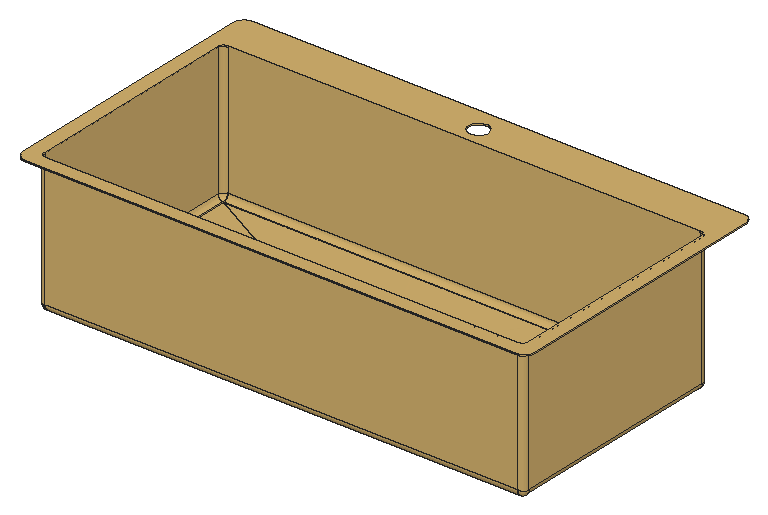
Revit family "BUILDMAT-SNGDTL017-Mila-900-Tap-Landing-Brass-Gold", category Plumbing Fixtures, host Face, Revit 2026
Family settings
  Host = Face
  Round Connector Dimension = Use Diameter
  Part Type = Normal
  Enable Cutting in Views = No
  Cut with Voids When Loaded = No
  Maintain Annotation Orientation = No
  Shared = No
  Room Calculation Point = No
Parameters (values of type "Mila 900x500x250mm Brushed Brass Gold")
  Width = 850.0 mm
  Undermount [instance] = 0.0 mm
  URL = "https://www.buildmat.com.au/products/mila-900-single-bowl-tap-landing-sink"
  Model = "TLAN017"  # constant formula
  Manufacturer URL = "https://www.buildmat.com.au/"
  Manufacturer = "BUILDMAT"  # constant formula
  Length = 400.0 mm
  Description = "BUILDMAT - Mila 900x500 Single Bowl with Tap Landing Sink"  # constant formula
  Depth = 250.0 mm
  Default Elevation = 1219.2 mm
  Created By URL = "https://www.buildmat.com.au/"
  Created By = "BUILDMAT"  # constant formula
  Created = "22.06.2022"  # constant formula
  Material = BUILDMAT Brass Gold
Reference planes
  plane 1 "Center (Front/Back)": y = 0
  plane 2: z = 0
  plane 3 "Center (Left/Right)": x = 0
  plane 4 "Top Substrate": z = 0
  plane 5 "Left": x = -425
  plane 6 "Right": x = 425
  plane 7 "Back": y = 200
  plane 8 "Front": y = -200
  plane 9: x = -450
  plane 10: x = 450
  plane 11: y = -225
  plane 12: y = 275
  plane 13 "Bottom Void": z = -250
  plane 14: z = 1.5
  plane 15: x = -426.5
  plane 16: y = -201.5
  plane 17: x = 426.5
  plane 18: y = 201.5
  plane 19: z = -240
  plane 20: z = -230
  plane 21: x = -415
  plane 22: x = 415
  plane 23: y = -190
  plane 24: y = 190
  plane 25: z = -245
  plane 26: z = -241.5
  plane 27: z = -246.5
  plane 28: x = -100
  plane 29: x = 100
  plane 30 "Sound Pad": z = -130
  plane 31 "Front Bracket": y = -100
  plane 32 "Back Bracket": y = 100
  plane 33: x = -325
  plane 34: x = 325
  plane 35: x = -57
  plane 36: x = 57
  plane 37: x = -45
  plane 38: x = 45
  plane 39: y = 232
  plane 40: y = 251.5
  plane 41: x = -438.2
  plane 42: z = -15
  plane 43: x = 438.2
  plane 44: x = -436.7
  plane 45: x = 436.7
Forms (mm)
  Extrusion 1, void
    sketch origin (0, 0, 0) x (1, 0, 0) y (0, 1, 0)
      loop
        arc (-415, 200) -> (-422.071, 197.071) -> (-425, 190) r 10
        line (-425, 190) -> (-425, -190)
        arc (-425, -190) -> (-422.071, -197.071) -> (-415, -200) r 10
        line (-415, -200) -> (415, -200)
        arc (415, -200) -> (422.071, -197.071) -> (425, -190) r 10
        line (425, -190) -> (425, 190)
        arc (425, 190) -> (422.071, 197.071) -> (415, 200) r 10
        line (415, 200) -> (-415, 200)
    from 0 to 1.5
  Extrusion 2, void
    sketch origin (0, 0, 0) x (1, 0, 0) y (0, 1, 0)
      loop
        line (-426.5, 201.5) -> (-426.5, -201.5) -> (426.5, -201.5) -> (426.5, 201.5) -> (-426.5, 201.5)
    from 0 to -250
  Extrusion 3, void
    sketch origin (0, 0, 0) x (1, 0, 0) y (0, 1, 0)
      loop
        arc (-430, 275) -> (-444.142, 269.142) -> (-450, 255) r 20
        line (-450, 255) -> (-450, -205)
        arc (-450, -205) -> (-444.142, -219.142) -> (-430, -225) r 20
        line (-430, -225) -> (430, -225)
        arc (430, -225) -> (444.142, -219.142) -> (450, -205) r 20
        line (450, -205) -> (450, 255)
        arc (450, 255) -> (444.142, 269.142) -> (430, 275) r 20
        line (430, 275) -> (-430, 275)
    from 1.5 to 0
  Extrusion 4, solid, material "BUILDMAT Brass Gold" <- "Material"
    sketch origin (0, 0, 0) x (-1, 0, 0) y (0, -1, 0)
      loop
        arc (430, -275) -> (444.142, -269.142) -> (450, -255) r 20
        line (450, -255) -> (450, 205)
        arc (450, 205) -> (444.142, 219.142) -> (430, 225) r 20
        line (430, 225) -> (-430, 225)
        arc (-430, 225) -> (-444.142, 219.142) -> (-450, 205) r 20
        line (-450, 205) -> (-450, -255)
        arc (-450, -255) -> (-444.142, -269.142) -> (-430, -275) r 20
        line (-430, -275) -> (430, -275)
      loop
        arc (415, -200) -> (422.071, -197.071) -> (425, -190) r 10
        line (425, -190) -> (425, 190)
        arc (425, 190) -> (422.071, 197.071) -> (415, 200) r 10
        line (415, 200) -> (-415, 200)
        arc (-415, 200) -> (-422.071, 197.071) -> (-425, 190) r 10
        line (-425, 190) -> (-425, -190)
        arc (-425, -190) -> (-422.071, -197.071) -> (-415, -200) r 10
        line (-415, -200) -> (415, -200)
    from 0 to 1.5
  Extrusion 5, solid, material "BUILDMAT Brass Gold" <- "Material"
    sketch origin (0, 0, 0) x (-1, 0, 0) y (0, -1, 0)
      loop
        arc (415, -201.5) -> (423.132, -198.132) -> (426.5, -190) r 11.5
        line (426.5, -190) -> (426.5, 190)
        arc (426.5, 190) -> (423.132, 198.132) -> (415, 201.5) r 11.5
        line (415, 201.5) -> (-415, 201.5)
        arc (-415, 201.5) -> (-423.132, 198.132) -> (-426.5, 190) r 11.5
        line (-426.5, 190) -> (-426.5, -190)
        arc (-426.5, -190) -> (-423.132, -198.132) -> (-415, -201.5) r 11.5
        line (-415, -201.5) -> (415, -201.5)
      loop
        arc (-415, 200) -> (-422.071, 197.071) -> (-425, 190) r 10
        line (-425, 190) -> (-425, -190)
        arc (-425, -190) -> (-422.071, -197.071) -> (-415, -200) r 10
        line (-415, -200) -> (415, -200)
        arc (415, -200) -> (422.071, -197.071) -> (425, -190) r 10
        line (425, -190) -> (425, 190)
        arc (425, 190) -> (422.071, 197.071) -> (415, 200) r 10
        line (415, 200) -> (-415, 200)
    from 0 to -230
  Revolve 6, solid, material "BUILDMAT Brass Gold" <- "Material"
    sketch origin (-175.162, 190, 1219.2) x (-1, 0, 0) y (0, 0, 1)
      loop
        line (-600.162, -1449.2) -> (-601.662, -1449.2)
        arc (-601.662, -1449.2) -> (-598.293, -1457.332) -> (-590.162, -1460.7) r 11.5
        line (-590.162, -1460.7) -> (-590.162, -1459.2)
        arc (-590.162, -1459.2) -> (-597.233, -1456.271) -> (-600.162, -1449.2) r 10
      axis (-590.162, -1460.7) -> (-590.162, -1449.2)
    angle from 0 to -90
  Revolve 7, solid, material "BUILDMAT Brass Gold" <- "Material"
    sketch origin (-175.162, 190, 1219.2) x (-1, 0, 0) y (0, 0, 1)
      loop
        arc (249.838, -1449.2) -> (246.909, -1456.271) -> (239.838, -1459.2) r 10
        line (239.838, -1459.2) -> (239.838, -1460.7)
        arc (239.838, -1460.7) -> (247.97, -1457.332) -> (251.338, -1449.2) r 11.5
        line (251.338, -1449.2) -> (249.838, -1449.2)
      axis (239.838, -1449.2) -> (239.838, -1460.7)
    angle from 0 to -90
  Revolve 8, solid, material "BUILDMAT Brass Gold" <- "Material"
    sketch origin (-175.162, -190, 1219.2) x (-1, 0, 0) y (0, 0, 1)
      loop
        arc (249.838, -1449.2) -> (246.909, -1456.271) -> (239.838, -1459.2) r 10
        line (239.838, -1459.2) -> (239.838, -1460.7)
        arc (239.838, -1460.7) -> (247.97, -1457.332) -> (251.338, -1449.2) r 11.5
        line (251.338, -1449.2) -> (249.838, -1449.2)
      axis (239.838, -1449.2) -> (239.838, -1460.7)
    angle from 0 to 90
  Revolve 9, solid, material "BUILDMAT Brass Gold" <- "Material"
    sketch origin (-175.162, -190, 1219.2) x (-1, 0, 0) y (0, 0, 1)
      loop
        line (-600.162, -1449.2) -> (-601.662, -1449.2)
        arc (-601.662, -1449.2) -> (-598.293, -1457.332) -> (-590.162, -1460.7) r 11.5
        line (-590.162, -1460.7) -> (-590.162, -1459.2)
        arc (-590.162, -1459.2) -> (-597.233, -1456.271) -> (-600.162, -1449.2) r 10
      axis (-590.162, -1449.2) -> (-590.162, -1460.7)
    angle from 0 to 90
  Extrusion 10, solid, material "BUILDMAT Brass Gold" <- "Material"
    sketch origin (0, 0, 0) x (1, 0, 0) y (0, 0, 1)
      loop
        line (-425, -230) -> (-426.5, -230)
        arc (-426.5, -230) -> (-423.132, -238.132) -> (-415, -241.5) r 11.5
        line (-415, -241.5) -> (-415, -240)
        arc (-415, -240) -> (-422.071, -237.071) -> (-425, -230) r 10
    from -190 to 190
  Extrusion 11, solid, material "BUILDMAT Brass Gold" <- "Material"
    sketch origin (0, 0, 0) x (1, 0, 0) y (0, 0, 1)
      loop
        arc (425, -230) -> (422.071, -237.071) -> (415, -240) r 10
        line (415, -240) -> (415, -241.5)
        arc (415, -241.5) -> (423.132, -238.132) -> (426.5, -230) r 11.5
        line (426.5, -230) -> (425, -230)
    from -190 to 190
  Extrusion 12, solid, material "BUILDMAT Brass Gold" <- "Material"
    sketch origin (0, 0, 0) x (0, 1, 0) y (0, 0, 1)
      loop
        arc (200, -230) -> (197.071, -237.071) -> (190, -240) r 10
        line (190, -240) -> (190, -241.5)
        arc (190, -241.5) -> (198.132, -238.132) -> (201.5, -230) r 11.5
        line (201.5, -230) -> (200, -230)
    from -415 to 415
  Extrusion 13, solid, material "BUILDMAT Brass Gold" <- "Material"
    sketch origin (0, 0, 0) x (0, 1, 0) y (0, 0, 1)
      loop
        line (-200, -230) -> (-201.5, -230)
        arc (-201.5, -230) -> (-198.132, -238.132) -> (-190, -241.5) r 11.5
        line (-190, -241.5) -> (-190, -240)
        arc (-190, -240) -> (-197.071, -237.071) -> (-200, -230) r 10
    from -415 to 415
  Revolve 14, solid, material "BUILDMAT Brass Gold" <- "Material"
    sketch origin (0, 0, 0) x (1, 0, 0) y (0, 0, 1)
      loop
        line (-45, -250) -> (-45, -248.5)
        spline (-45, -248.5) -> (-46.484, -248.459) -> (-47.939, -248.339) -> (-49.337, -248.141) -> (-50.649, -247.871) -> (-51.848, -247.537) -> (-52.908, -247.151) -> (-53.805, -246.726) -> (-54.514, -246.283) -> (-55.023, -245.856) -> (-55.329, -245.483) -> (-55.468, -245.202) -> (-55.5, -245)
        line (-55.5, -245) -> (-57, -245)
        spline (-57, -245) -> (-56.897, -245.653) -> (-56.591, -246.294) -> (-56.087, -246.913) -> (-55.392, -247.5) -> (-54.52, -248.044) -> (-53.485, -248.536) -> (-52.305, -248.967) -> (-51, -249.33) -> (-49.592, -249.619) -> (-48.106, -249.83) -> (-46.566, -249.957) -> (-45, -250)
      axis (0, -245) -> (0, -250)
    angle from 0 to 360
  Blend 15, solid, material "BUILDMAT Brass Gold" <- "Material"
    base sketch origin (0, 0, 0) x (-1, 0, 0) y (0, -1, 0)
      loop
        circle (0, 0) r 57
    top sketch origin (0, 0, 0) x (-1, 0, 0) y (0, -1, 0)
      loop
        line (415, -190) -> (415, 190) -> (-415, 190) -> (-415, -190) -> (415, -190)
    from -246.5 to -241.5
  Blend 16, void
    base sketch origin (0, 0, 0) x (-1, 0, 0) y (0, -1, 0)
      loop
        circle (0, 0) r 57
    top sketch origin (0, 0, 0) x (-1, 0, 0) y (0, -1, 0)
      loop
        line (415, -190) -> (415, 190) -> (-415, 190) -> (-415, -190) -> (415, -190)
    from -245 to -240
  Extrusion 17, solid, material "BUILDMAT Brass Gold" <- "Material"
    sketch origin (0, 0, 0) x (-1, 0, 0) y (0, -1, 0)
      loop
        line (415, -190) -> (415, 190) -> (-415, 190) -> (-415, -190) -> (415, -190)
    from -241.5 to -240
  Extrusion 18, void
    sketch origin (0, 0, 0) x (-1, 0, 0) y (0, -1, 0)
      loop
        circle (0, 0) r 57
    from -250 to -230
  Extrusion 19, void
    sketch origin (0, 0, 0) x (-1, 0, 0) y (0, -1, 0)
      loop
        circle (0, -232) r 17.5
    from 0 to 100
Cuts and joins
  Extrusion 19 cuts Extrusion 4
  Extrusion 19 cuts Extrusion 5
  joined: Extrusion 4, Extrusion 5
  joined: Revolve 6, Revolve 9
  joined: Revolve 7, Revolve 8
  Blend 16, Extrusion 18 cuts Blend 15
  Blend 16, Extrusion 18 cuts Extrusion 17
  joined: Blend 15, Extrusion 17
Lines and regions (mm)
  Masking region 1
    outline origin (0, 0, 0) x (1, 0, 0) y (0, 0, 1)
      loop
        line (425, 0) -> (-425, 0) -> (-425, -230)
        arc (-425, -230) -> (-422.071, -237.071) -> (-415, -240) r 10
        line (-415, -240) -> (-57, -245) -> (57, -245) -> (415, -240)
        arc (415, -240) -> (422.071, -237.071) -> (425, -230) r 10
        line (425, -230) -> (425, 0)
  Masking region 2
    outline origin (0, 0, 0) x (1, 0, 0) y (0, 0, 1)
      loop
        line (-100, -245.899) -> (-100, -250) -> (-57, -250) -> (-57, -246.5) -> (-100, -245.899)
  Masking region 3
    outline origin (0, 0, 0) x (1, 0, 0) y (0, 0, 1)
      loop
        line (57, -246.5) -> (57, -250) -> (100, -250) -> (100, -245.899) -> (57, -246.5)
  Masking region 4
    outline origin (0, 0, 0) x (1, 0, 0) y (0, 0, 1)
      loop
        line (-438.2, 0) -> (-438.2, -15) -> (-436.7, -15) -> (-436.7, 0) -> (-438.2, 0)
  Masking region 5
    outline origin (0, 0, 0) x (1, 0, 0) y (0, 0, 1)
      loop
        line (436.7, 0) -> (436.7, -15) -> (438.2, -15) -> (438.2, 0) -> (436.7, 0)
Text (mm)
  text "Refer to www.buildmat.com.au for the most current product literature. \nAllow a +/- 5mm tolerance for dimensions shown in the product literature. \nPlease note product details are subject to change due to ongoing product development." at (0.056, -1035.857, 0), in view "Ref. Level"
Dimensions and locks
  "Undermount": plane 2 to plane 4 "Top Substrate"
  equal spacing: plane 5 "Left", plane 3 "Center (Left/Right)", plane 6 "Right"
  "Width": plane 5 "Left" to plane 6 "Right"
  "Length": plane 7 "Back" to plane 8 "Front"
  equal spacing: plane 7 "Back", plane 1 "Center (Front/Back)", plane 8 "Front"
  locked: plane 12 to plane 7 "Back" at 75
  locked: plane 8 "Front" to plane 11 at 25
  locked: plane 9 to plane 5 "Left" at 25
  locked: plane 6 "Right" to plane 10 at 25
  "Depth": plane 4 "Top Substrate" to plane 13 "Bottom Void"
  locked: plane 14 to plane 4 "Top Substrate" at 1.5
  locked: plane 18 to plane 7 "Back" at 1.5
  locked: plane 8 "Front" to plane 16 at 1.5
  plane 15 to plane 5 "Left" = 1.5 mm
  plane 6 "Right" to plane 17 = 1.5 mm
  plane 20 to plane 19 to plane 13 "Bottom Void" = 10.0 mm, 10.0 mm
  locked: plane 5 "Left" to plane 21 at 10
  locked: plane 22 to plane 6 "Right" at 10
  locked: plane 7 "Back" to plane 24 at 10
  locked: plane 23 to plane 8 "Front" at 10
  locked: plane 19 to plane 26 at 1.5
  locked: plane 25 to plane 13 "Bottom Void" at 5
  locked: plane 25 to plane 27 at 1.5
  plane 29 to plane 3 "Center (Left/Right)" to plane 28 = 100.0 mm locked, 100.0 mm locked
  locked: plane 30 "Sound Pad" to plane 13 "Bottom Void" at 120
  locked: plane 7 "Back" to plane 32 "Back Bracket" at 100
  locked: plane 31 "Front Bracket" to plane 8 "Front" at 100
  locked: plane 33 to plane 5 "Left" at 100
  locked: plane 6 "Right" to plane 34 at 100
  plane 37 to plane 3 "Center (Left/Right)" to plane 38 = 45.0 mm locked, 45.0 mm locked
  plane 35 to plane 3 "Center (Left/Right)" to plane 36 = 57.0 mm locked, 57.0 mm locked
  locked: plane 12 to plane 39 at 43
  locked: plane 40 to plane 18 at 50
  plane 44 to plane 41 to plane 9 = 1.5 mm locked, 11.8 mm locked
  plane 10 to plane 43 to plane 45 = 11.8 mm locked, 1.5 mm locked
  locked: plane 4 "Top Substrate" to plane 42 at 15
  aligned and locked: plane 2 to host face
  aligned and locked: level to host face
  aligned and locked: plane 8 "Front" to Extrusion 1 sketch curve
  aligned and locked: Extrusion 1 sketch curve to plane 7 "Back"
  aligned and locked: plane 5 "Left" to Extrusion 1 sketch curve
  aligned and locked: Extrusion 1 sketch curve to plane 6 "Right"
  aligned and locked: plane 2 to Extrusion 1
  aligned and locked: plane 14 to Extrusion 1
  aligned and locked: Extrusion 2 sketch curve to plane 16
  aligned and locked: Extrusion 2 sketch curve to plane 18
  aligned and locked: plane 15 to Extrusion 2 sketch curve
  aligned and locked: plane 17 to Extrusion 2 sketch curve
  aligned and locked: Extrusion 2 to plane 13 "Bottom Void"
  aligned and locked: plane 4 "Top Substrate" to Extrusion 2
  aligned and locked: Extrusion 3 sketch curve to plane 11
  aligned and locked: plane 9 to Extrusion 3 sketch curve
  aligned and locked: Extrusion 3 sketch curve to plane 10
  aligned and locked: Extrusion 3 sketch curve to plane 12
  aligned and locked: Extrusion 3 to plane 4 "Top Substrate"
  aligned and locked: Extrusion 3 to plane 14
  aligned and locked: Extrusion 4 sketch curve to plane 11
  aligned and locked: Extrusion 4 sketch curve to plane 12
  aligned and locked: plane 9 to Extrusion 4 sketch curve
  aligned and locked: Extrusion 4 sketch curve to plane 10
  aligned and locked: plane 5 "Left" to Extrusion 4 sketch curve
  aligned and locked: Extrusion 4 sketch curve to plane 6 "Right"
  aligned and locked: Extrusion 4 sketch curve to plane 7 "Back"
  aligned and locked: plane 8 "Front" to Extrusion 4 sketch curve
  aligned and locked: Extrusion 5 sketch curve to plane 7 "Back"
  aligned and locked: plane 5 "Left" to Extrusion 5 sketch curve
  aligned and locked: Extrusion 5 sketch curve to plane 6 "Right"
  aligned and locked: plane 8 "Front" to Extrusion 5 sketch curve
  aligned and locked: plane 15 to Extrusion 5 sketch curve
  aligned and locked: Extrusion 5 sketch curve to plane 16
  aligned and locked: plane 17 to Extrusion 5 sketch curve
  aligned and locked: Extrusion 5 sketch curve to plane 18
  aligned and locked: Extrusion 5 to plane 20
  aligned and locked: plane 4 "Top Substrate" to Extrusion 5
  aligned and locked: Extrusion 11 to plane 23
  aligned and locked: plane 24 to Extrusion 11
  aligned and locked: plane 24 to Extrusion 10
  aligned and locked: Extrusion 10 to plane 23
  aligned and locked: Extrusion 13 to plane 21
  aligned and locked: plane 22 to Extrusion 13
  aligned and locked: plane 22 to Extrusion 12
  aligned and locked: Extrusion 12 to plane 21
  aligned and locked: plane 21 to Blend 15 sketch curve
  aligned and locked: Blend 15 sketch curve to plane 22
  aligned and locked: Blend 15 sketch curve to plane 23
  aligned and locked: Blend 15 sketch curve to plane 24
  aligned and locked: plane 27 to Blend 15
  aligned and locked: Blend 15 to plane 26
  aligned and locked: Blend 16 sketch curve to plane 24
  aligned and locked: plane 21 to Blend 16 sketch curve
  aligned and locked: Blend 16 sketch curve to plane 22
  aligned and locked: Blend 16 sketch curve to plane 23
  aligned and locked: Blend 16 to plane 25
  aligned and locked: Blend 16 to plane 19
  aligned and locked: Extrusion 17 sketch curve to plane 24
  aligned and locked: Extrusion 17 sketch curve to plane 23
  aligned and locked: plane 21 to Extrusion 17 sketch curve
  aligned and locked: Extrusion 17 sketch curve to plane 22
  aligned and locked: Extrusion 17 to plane 26
  aligned and locked: Extrusion 17 to plane 19
  aligned and locked: Extrusion 18 to plane 13 "Bottom Void"
  aligned and locked: plane 20 to Extrusion 18
  aligned and locked: cut or joined group of Blend 15, Blend 16, Extrusion 17, Extrusion 18 to Masking region 2 sketch curve
  aligned and locked: Masking region 3 sketch curve to cut or joined group of Blend 15, Blend 16, Extrusion 17, Extrusion 18
  aligned and locked: plane 3 "Center (Left/Right)" to nested 1
  aligned and locked: nested 1 to plane 30 "Sound Pad"
  aligned and locked: plane 31 "Front Bracket" to nested 3
  aligned and locked: plane 15 to nested 3
  aligned and locked: plane 31 "Front Bracket" to nested 5
  aligned and locked: plane 17 to nested 5
  aligned and locked: plane 32 "Back Bracket" to nested 4
  aligned and locked: plane 17 to nested 4
  aligned and locked: plane 32 "Back Bracket" to nested 2
  aligned and locked: plane 15 to nested 2
  aligned and locked: nested 6 to plane 4 "Top Substrate"
  aligned and locked: nested 6 to plane 33
  aligned and locked: nested 7 to plane 4 "Top Substrate"
  aligned and locked: nested 7 to plane 34
  aligned and locked: nested 10 to plane 33
  aligned and locked: nested 11 to plane 34
  aligned and locked: plane 16 to nested 10
  aligned and locked: nested 11 to plane 16
  aligned and locked: plane 33 to nested 8
  aligned and locked: plane 34 to nested 9
  aligned and locked: nested 12 to plane 23
  aligned and locked: nested 12 to plane 24
  aligned and locked: plane 22 to nested 12
  aligned and locked: plane 21 to nested 12
  aligned and locked: plane 3 "Center (Left/Right)" to nested 13
  aligned and locked: plane 1 "Center (Front/Back)" to nested 13
  aligned and locked: plane 4 "Top Substrate" to Masking region 1
  aligned and locked: plane 40 to nested 9
  aligned and locked: nested 8 to plane 40
  aligned and locked: Extrusion 19 to plane 4 "Top Substrate"
  aligned and locked: Masking region 4 sketch curve to plane 4 "Top Substrate"
  aligned and locked: Masking region 4 sketch curve to plane 42
  aligned and locked: Masking region 4 sketch curve to plane 41
  aligned and locked: Masking region 4 sketch curve to plane 44
  aligned and locked: Masking region 5 sketch curve to plane 4 "Top Substrate"
  aligned and locked: plane 42 to Masking region 5 sketch curve
  aligned and locked: Masking region 5 sketch curve to plane 43
  aligned and locked: Masking region 5 sketch curve to plane 45
Automatic sketch dimensions
  host sketch curve to host sketch curve = 2438.4 mm  (x2)
  plane 5 "Left" to Extrusion 1 sketch curve = 10.0 mm  (x2)
  Extrusion 1 sketch curve to plane 6 "Right" = 10.0 mm  (x2)
  Extrusion 4 sketch curve to plane 10 = 20.0 mm  (x2)
  Extrusion 4 sketch curve to Extrusion 4 sketch curve = 10.0 mm  (x2)
  plane 5 "Left" to Extrusion 4 sketch curve = 10.0 mm
  plane 9 to Extrusion 4 sketch curve = 20.0 mm
  plane 8 "Front" to Extrusion 4 sketch curve = 10.0 mm
  plane 11 to Extrusion 4 sketch curve = 20.0 mm
  Extrusion 3 sketch curve to plane 5 "Left" = 5.0 mm
  plane 6 "Right" to Extrusion 3 sketch curve = 5.0 mm  (x2)
  plane 7 "Back" to Extrusion 3 sketch curve = 55.0 mm
  plane 5 "Left" to Extrusion 5 sketch curve = 10.0 mm
  Extrusion 5 sketch curve to plane 6 "Right" = 10.0 mm
  plane 8 "Front" to Extrusion 5 sketch curve = 10.0 mm
  Extrusion 5 sketch curve to plane 7 "Back" = 10.0 mm
  Extrusion 5 sketch curve to Extrusion 5 sketch curve = 0.0 mm  (x4)
  Revolve 6 sketch curve to Revolve 6 sketch curve = 0.0 mm  (x3)
  plane 17 to Revolve 6 sketch curve = 0.0 mm
  Revolve 6 sketch curve to plane 6 "Right" = 0.0 mm
  Revolve 6 sketch curve to plane 22 = 0.0 mm  (x2)
  Revolve 6 sketch curve to plane 19 = 0.0 mm
  Revolve 6 sketch curve to plane 20 = 0.0 mm
  Revolve 7 sketch curve to Revolve 7 sketch curve = 0.0 mm  (x3)
  Revolve 7 sketch curve to plane 20 = 0.0 mm  (x2)
  Revolve 7 sketch curve to plane 21 = 0.0 mm  (x2)
  Revolve 7 sketch curve to plane 5 "Left" = 0.0 mm
  Revolve 7 sketch curve to plane 15 = 0.0 mm
  Revolve 8 sketch curve to Revolve 8 sketch curve = 0.0 mm  (x3)
  Revolve 8 sketch curve to plane 20 = 0.0 mm  (x2)
  Revolve 8 sketch curve to plane 21 = 0.0 mm  (x2)
  Revolve 8 sketch curve to plane 5 "Left" = 0.0 mm
  Revolve 8 sketch curve to plane 15 = 0.0 mm
  Revolve 9 sketch curve to Revolve 9 sketch curve = 0.0 mm  (x3)
  plane 17 to Revolve 9 sketch curve = 0.0 mm
  Revolve 9 sketch curve to plane 6 "Right" = 0.0 mm
  Revolve 9 sketch curve to plane 22 = 0.0 mm  (x2)
  Revolve 9 sketch curve to plane 20 = 0.0 mm
  Revolve 9 sketch curve to plane 19 = 0.0 mm
  Extrusion 10 sketch curve to plane 15 = 0.0 mm
  Extrusion 10 sketch curve to plane 5 "Left" = 0.0 mm
  Extrusion 10 sketch curve to plane 19 = 0.0 mm
  Extrusion 10 sketch curve to plane 21 = 0.0 mm
  Extrusion 11 sketch curve to plane 20 = 0.0 mm
  Extrusion 11 sketch curve to plane 22 = 0.0 mm
  Extrusion 11 sketch curve to plane 6 "Right" = 0.0 mm
  plane 17 to Extrusion 11 sketch curve = 0.0 mm
  Extrusion 12 sketch curve to plane 20 = 0.0 mm
  Extrusion 12 sketch curve to plane 24 = 0.0 mm
  Extrusion 12 sketch curve to plane 7 "Back" = 0.0 mm
  Extrusion 12 sketch curve to plane 18 = 0.0 mm
  Extrusion 13 sketch curve to plane 16 = 0.0 mm
  Extrusion 13 sketch curve to plane 8 "Front" = 0.0 mm
  Extrusion 13 sketch curve to plane 23 = 0.0 mm
  Extrusion 13 sketch curve to plane 19 = 0.0 mm
  Revolve 14 sketch curve to plane 25 = 0.0 mm
  Revolve 14 sketch curve to plane 13 "Bottom Void" = 0.0 mm  (x2)
  Revolve 14 sketch curve to plane 3 "Center (Left/Right)" = 0.0 mm
  Revolve 14 sketch curve to plane 20 = 0.0 mm
  Revolve 14 sketch curve to plane 3 "Center (Left/Right)" = 45.0 mm
  Revolve 14 sketch curve to Revolve 14 sketch curve = 10.5 mm
  Revolve 14 sketch curve to Revolve 14 sketch curve = 1.5 mm  (x2)
  Revolve 14 sketch curve to Revolve 14 sketch curve = 0.0 mm
  plane 1 "Center (Front/Back)" to Blend 15 sketch curve = 0.0 mm
  Blend 15 sketch curve to plane 3 "Center (Left/Right)" = 0.0 mm
  plane 1 "Center (Front/Back)" to Blend 16 sketch curve = 0.0 mm
  Blend 16 sketch curve to plane 3 "Center (Left/Right)" = 0.0 mm
  plane 1 "Center (Front/Back)" to Extrusion 18 sketch curve = 0.0 mm
  Extrusion 18 sketch curve to plane 3 "Center (Left/Right)" = 0.0 mm
  Masking region 1 sketch curve to level = 0.0 mm
  Masking region 1 sketch curve to plane 20 = 0.0 mm
  Masking region 1 sketch curve to plane 21 = 0.0 mm
  Masking region 1 sketch curve to plane 25 = 0.0 mm
  Masking region 1 sketch curve to plane 3 "Center (Left/Right)" = 57.0 mm
  plane 3 "Center (Left/Right)" to Masking region 1 sketch curve = 57.0 mm
  Masking region 1 sketch curve to plane 19 = 0.0 mm
  Masking region 1 sketch curve to plane 22 = 0.0 mm
  Masking region 1 sketch curve to plane 6 "Right" = 0.0 mm
  Masking region 1 sketch curve to plane 5 "Left" = 0.0 mm
  Masking region 2 sketch curve to plane 28 = 0.0 mm
  Masking region 2 sketch curve to plane 13 "Bottom Void" = 0.0 mm
  Masking region 2 sketch curve to plane 27 = 0.0 mm
  Masking region 3 sketch curve to plane 27 = 0.0 mm
  Masking region 3 sketch curve to plane 13 "Bottom Void" = 0.0 mm
  Masking region 3 sketch curve to plane 29 = 0.0 mm
  Extrusion 19 sketch curve to plane 3 "Center (Left/Right)" = 0.0 mm
  Extrusion 19 sketch curve to plane 39 = 0.0 mm
  radius of Blend 15 sketch curve = 57.0 mm
  radius of Blend 16 sketch curve = 57.0 mm
  radius of Extrusion 18 sketch curve = 57.0 mm
  radius of Extrusion 19 sketch curve = 17.5 mm
Nested families
  nested 1: "SP_Front" at (0, 0, -130) x (1, 0, 0) z (0, -1, 0), type "SP_Front", not visible
  nested 2: "TMB_Plan" at (-426.5, 100, 0) x (0, 1, 0) z (0, 0, 1), type "TMB_Plan"
  nested 3: "TMB_Plan" at (-426.5, -100, 0) x (0, 1, 0) z (0, 0, 1), type "TMB_Plan"
  nested 4: "TMB_Plan" at (426.5, 100, 0) x (0, -1, 0) z (0, 0, 1), type "TMB_Plan"
  nested 5: "TMB_Plan" at (426.5, -100, 0) x (0, -1, 0) z (0, 0, 1), type "TMB_Plan"
  nested 6: "TMB_Front" at (-325, 0, 0) x (1, 0, 0) z (0, -1, 0), type "TMB_Front"
  nested 7: "TMB_Front" at (325, 0, 0) x (1, 0, 0) z (0, -1, 0), type "TMB_Front"
  nested 8: "TMB_Plan" at (-325, 251.5, 0), type "TMB_Plan"
  nested 9: "TMB_Plan" at (325, 251.5, 0), type "TMB_Plan"
  nested 10: "TMB_Plan" at (-325, -201.5, 0) x (-1, 0, 0) z (0, 0, 1), type "TMB_Plan"
  nested 11: "TMB_Plan" at (325, -201.5, 0) x (-1, 0, 0) z (0, 0, 1), type "TMB_Plan"
  nested 12: "BOWL Plan" at (0, 0, -130), type "BOWL Plan"
    with Width 830.0 mm, Lenght 380.0 mm
  nested 13: "DRAIN" at (0, 0, 0), type "DRAIN"
Definition of nested family "SP_Front"
  Reference planes
    plane 1 "Center (Elevation)": y = 0
    plane 2: z = 0
    plane 3 "Center (Left/Right)": x = 0
  Lines and regions (mm)
    Masking region 1, in view "Ref. Level"
      outline origin (0, 0, 0) x (1, 0, 0) y (0, 1, 0)
        loop
          arc (-50, 40) -> (-57.071, 37.071) -> (-60, 30) r 10
          line (-60, 30) -> (-60, -30)
          arc (-60, -30) -> (-57.071, -37.071) -> (-50, -40) r 10
          line (-50, -40) -> (50, -40)
          arc (50, -40) -> (57.071, -37.071) -> (60, -30) r 10
          line (60, -30) -> (60, 30)
          arc (60, 30) -> (57.071, 37.071) -> (50, 40) r 10
          line (50, 40) -> (-50, 40)
    detail lines, in view "Ref. Level"
      curve 1: line (-50, 40, 0) -> (50, 40, 0)
      curve 2: line (50, -40, 0) -> (-50, -40, 0)
      curve 3: line (60, 30, 0) -> (60, -30, 0)
      curve 4: line (-60, 30, 0) -> (-60, -30, 0)
      curve 5: arc (-50, 40, 0) -> (-57.071, 37.071, 0) -> (-60, 30, 0) r 10
      curve 6: arc (-60, -30, 0) -> (-57.071, -37.071, 0) -> (-50, -40, 0) r 10
      curve 7: arc (50, -40, 0) -> (57.071, -37.071, 0) -> (60, -30, 0) r 10
      curve 8: arc (60, 30, 0) -> (57.071, 37.071, 0) -> (50, 40, 0) r 10
  Dimensions and locks
    aligned and locked: Masking region 1 sketch curve to curve 1
    aligned and locked: Masking region 1 sketch curve to curve 4
    aligned and locked: Masking region 1 sketch curve to curve 2
    aligned and locked: Masking region 1 sketch curve to curve 3
Definition of nested family "TMB_Plan"
  Reference planes
    plane 1 "Center (Front/Back)": y = 0
    plane 2: z = 0
    plane 3 "Center (Left/Right)": x = 0
  Lines and regions (mm)
    detail lines, in view "Ref. Level"
      curve 1: line (-17.5, 0, 0) -> (17.5, 0, 0)
      curve 2: line (17.5, 0, 0) -> (17.5, 5, 0)
      curve 3: line (17.5, 5, 0) -> (12.5, 5, 0)
      curve 4: line (-17.5, 0, 0) -> (-17.5, 5, 0)
      curve 5: line (-17.5, 5, 0) -> (-12.5, 5, 0)
Definition of nested family "TMB_Front"
  Reference planes
    plane 1 "Center (Elevation)": y = 0
    plane 2: z = 0
    plane 3 "Center (Left/Right)": x = 0
  Lines and regions (mm)
    Masking region 1, in view "Ref. Level"
      outline origin (0, 0, 0) x (1, 0, 0) y (0, 1, 0)
        loop
          line (-17.5, 0) -> (-17.5, -80) -> (17.5, -80) -> (17.5, 0) -> (-17.5, 0)
    detail lines, in view "Ref. Level"
      curve 1: line (-17.5, 0, 0) -> (-17.5, -80, 0)
      curve 2: line (-17.5, -80, 0) -> (17.5, -80, 0)
      curve 3: line (17.5, -80, 0) -> (17.5, 0, 0)
      curve 4: line (-12.5, -50, 0) -> (12.5, -50, 0)
      curve 5: line (-12.5, -75, 0) -> (-12.5, -50, 0)
      curve 6: line (12.5, -75, 0) -> (-12.5, -75, 0)
      curve 7: line (12.5, -50, 0) -> (12.5, -75, 0)
Definition of nested family "BOWL Plan"
  Parameters (values of type "BOWL Plan")
    Width [instance] = 600.0 mm
    Lenght [instance] = 400.0 mm
  Reference planes
    plane 1 "Center (Front/Back)": y = 0
    plane 2: z = 0
    plane 3 "Center (Left/Right)": x = 0
    plane 4 "Left": x = -300
    plane 5 "Right": x = 300
    plane 6 "Back": y = 200
    plane 7 "Front": y = -200
  Lines and regions (mm)
    Masking region 1, in view "Ref. Level"
      outline origin (0, 0, 0) x (1, 0, 0) y (0, 1, 0)
        loop
          line (-300, 200) -> (-300, -200) -> (300, -200) -> (300, 200) -> (-300, 200)
    detail lines, in view "Ref. Level"
      curve 1: line (-300, 200, 0) -> (300, -200, 0)
      curve 2: line (-300, -200, 0) -> (300, 200, 0)
  Dimensions and locks
    equal spacing: plane 6 "Back", plane 1 "Center (Front/Back)", plane 7 "Front"
    "Lenght": plane 6 "Back" to plane 7 "Front"
    equal spacing: plane 4 "Left", plane 3 "Center (Left/Right)", plane 5 "Right"
    "Width": plane 4 "Left" to plane 5 "Right"
    aligned and locked: plane 4 "Left" to Masking region 1 sketch curve
    aligned and locked: Masking region 1 sketch curve to plane 5 "Right"
    aligned and locked: plane 7 "Front" to Masking region 1 sketch curve
    aligned and locked: Masking region 1 sketch curve to plane 6 "Back"
  Automatic sketch dimensions
    curve 2 to plane 4 "Left" = 0.0 mm
    curve 1 to plane 4 "Left" = 0.0 mm
    curve 2 to plane 5 "Right" = 0.0 mm
    curve 1 to plane 5 "Right" = 0.0 mm
    curve 1 to plane 7 "Front" = 0.0 mm
    curve 2 to plane 7 "Front" = 0.0 mm
    curve 2 to plane 6 "Back" = 0.0 mm
    curve 1 to plane 6 "Back" = 0.0 mm
Definition of nested family "DRAIN"
  Reference planes
    plane 1 "Center (Front/Back)": y = 0
    plane 2: z = 0
    plane 3 "Center (Left/Right)": x = 0
  Lines and regions (mm)
    Masking region 1, in view "Ref. Level"
      outline origin (0, 0, 0) x (1, 0, 0) y (0, 1, 0)
        loop
          circle (0, 0) r 57
    detail lines, in view "Ref. Level"
      curve 1: circle (0, 0, 0) r 45 normal (0, 0, 1)
      curve 2: circle (0, 0, 0) r 55.5 normal (0, 0, 1)
